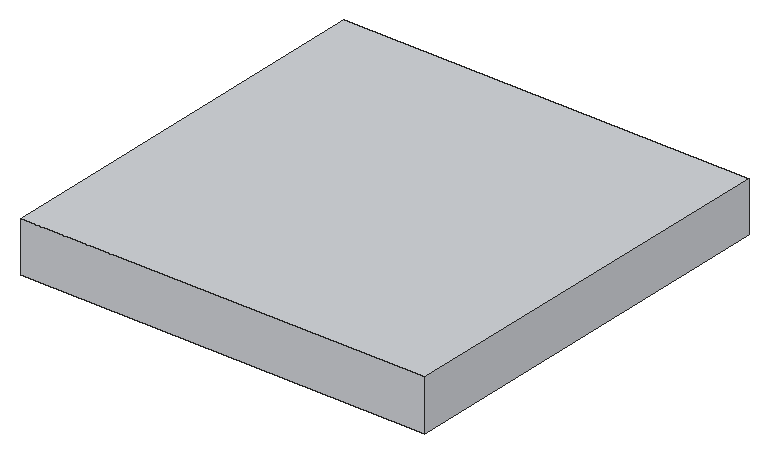
Revit family "H3005-TR035-EB", category Aparatos sanitarios, Revit 2023
Family settings
  Anfitrión = Cara
  Cota de conector redondo = Usar diámetro
  Tipo de pieza = Normal
  Número OmniClass = 23.45.05.14.17
  Título OmniClass = Showers
  Activar corte en vistas = No
  Corte con vacíos al cargar = No
  Mantener orientación de anotación = No
  Compartido = Sí
  Punto de cálculo de habitación = Sí
Parameters (values of type "H3005-TR035-EB")
  URL = "https://helvex.com.mx/regadera-de-chorro-fijo-premier-h3005-tr035-eb"
  Total Diameter = 9.60"
  Presión mínima de trabajo = 14.22 psi
  Presión máxima de trabajo = 85.34 psi
  Imagen de tipo = H3005-TR035-EB.jpg
  Conexión = "½\"-14 NPSM"
  Comentarios de tipo = "Regadera de chorro fijo con tecnología Aereavex, sistema anticalcáreo. Plato ancho de 5\" x 8\", Incluye brazo y chapetón. Acabado Ébano. Presión mínima requerida 1.00 kg/cm2. Consumo máximo de agua 1 L/min.\r\n3 Chorros.\r\n3 Chorros."
  Total Length = 22.20"
  Modelo = "H3005-TR035-EB"
  Material = Ébano
  Fabricante = "HELVEX S.A. DE C.V."
  Descripción = "Regadera de chorro fijo Premier Ébano\r\n3 Chorros.\r\n3 Chorros."
  Elevación por defecto = 0.50"
Types (3): name | URL | Comentarios de tipo | Material | Descripción
  (no name) | "https://helvex.com.mx/regadera-de-chorro-fijo-premier-h3005-tr035-eb" | "Regadera de chorro fijo con tecnología Aereavex, sistema anticalcáreo. Plato ancho de 5\" x 8\", Incluye brazo y chapetón. Acabado Ébano. Presión mínima requerida 1.00 kg/cm2. Consumo máximo de agua 1 L/min.\r\n3 Chorros.\r\n3 Chorros." | Ébano | "Regadera de chorro fijo Premier Ébano\r\n3 Chorros.\r\n3 Chorros."
  H3005-TR035 | 0.00" | "Regadera redonda de plato ancho, multichorro 10\"\r\n3 Chorros.\r\n3 Chorros." | 192_192_192 | "Regadera redonda de plato ancho, multichorro 10\"\r\n3 Chorros.\r\n3 Chorros."
  H3005-TR035-EB | "https://helvex.com.mx/regadera-de-chorro-fijo-premier-h3005-tr035-eb" | "Regadera de chorro fijo con tecnología Aereavex, sistema anticalcáreo. Plato ancho de 5\" x 8\", Incluye brazo y chapetón. Acabado Ébano. Presión mínima requerida 1.00 kg/cm2. Consumo máximo de agua 1 L/min.\r\n3 Chorros.\r\n3 Chorros." | Ébano | "Regadera de chorro fijo Premier Ébano\r\n3 Chorros.\r\n3 Chorros."
Reference planes (in)
  plane 1 "Center (Front/Back)": y = 0
  plane 2: z = 0
  plane 3 "Center (Left/Right)": x = 0
Forms (in)
  Extrusion 1, solid
    sketch origin (0, 0, 0) x (1, 0, 0) y (0, 1, 0)
      loop
        line (-48, 48) -> (-48, -48) -> (48, -48) -> (48, 48) -> (-48, 48)
    from 0 to -12
Dimensions and locks (in)
  aligned and locked: plane 2 to Extrusion 1
  aligned and locked: level to Extrusion 1
Connectors (in)
  piping at (0, 0, -0.24629), diameter 0.5
    settings: on import instance, index 1, connector inside diameter 609.6 mm, connector length 0.00", flow factor 0, pipe flow 0.0 L/s, pressure drop 0.0 psi, fitting loss kfactor 0, connector angle 0.00°, fixture units 0, engagement length 0.00", angle of deflection 0.00°, flow configuration 0, flow direction 0, fitting loss method 0, system type 7, joint type 0, gender type 0, connector reference index -1, connector utility 0, adjustable connector no, is connector primary yes, connector description ""
